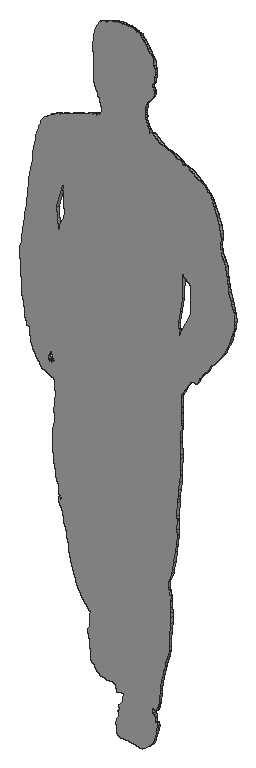
Revit family
Parameters (values of type "People_03_Multiple_views")
  built-in parameter 1005198 = (empty or 0)
  built-in parameter 1005195 = "d:\\byoh\\M25_HOL1_Santa.rpc"
  Assembly Code = ""
Reference planes (in)
  plane 1 "Center (Front/Back)": y = 0
  plane 2: z = 0
  plane 3 "Center (Left/Right)": x = 0
Forms (in)
  Extrusion 1, solid, material "Entourage-Figure"
    sketch origin (28.58462, 0, -0.48369) x (1, 0, 0) y (0, 0, 1)
      loop
        line (-24.04393, 49.13987) -> (-24.09482, 46.64775) -> (-24.34928, 45.27454) -> (-24.55285, 44.10477) -> (-24.45106, 42.935) -> (-23.22967, 45.42712) -> (-23.22967, 48.27526) -> (-24.04393, 49.13987)
      loop
        line (-37.5218, 53.31281) -> (-38.20172, 51.04073) -> (-38.00763, 48.82859) -> (-37.75076, 49.48755) -> (-37.49388, 50.04599) -> (-37.34869, 50.76077) -> (-37.42686, 51.38622) -> (-37.4492, 51.8218) -> (-37.47154, 52.26855) -> (-37.47154, 52.58126) -> (-37.50504, 53.15086) -> (-37.5218, 53.31281)
      loop
        line (-38.48581, 35.29746) -> (-38.49905, 35.37034) -> (-38.5549, 35.43736) -> (-38.64425, 35.63839) -> (-38.72243, 35.87293) -> (-38.80061, 35.96229) -> (-38.88997, 36.1298) -> (-39.06866, 35.90643) -> (-39.12451, 35.71657) -> (-39.091, 35.43736) -> (-39.06866, 35.31449) -> (-39.00165, 35.26982) -> (-38.93464, 35.25865) -> (-38.78944, 35.22515) -> (-38.66659, 35.22515) -> (-38.48581, 35.29746)
      loop
        line (-32.45681, 71.6462) -> (-32.59083, 71.60154) -> (-32.82537, 71.53451) -> (-32.93706, 71.48984) -> (-33.10459, 71.434) -> (-33.23861, 71.36699) -> (-33.3503, 71.31115) -> (-33.41731, 71.26646) -> (-33.50666, 71.15477) -> (-33.529, 71.07661) -> (-33.59602, 70.94258) -> (-33.71887, 70.71919) -> (-33.76354, 70.66335) -> (-33.85289, 70.46232) -> (-33.9199, 70.27246) -> (-33.94223, 70.19427) -> (-33.98692, 70.03791) -> (-33.99808, 69.9709) -> (-34.04276, 69.80337) -> (-34.05393, 69.7587) -> (-34.07626, 69.56884) -> (-34.08744, 69.37896) -> (-34.0986, 69.30077) -> (-34.0986, 69.16675) -> (-34.16617, 68.96404) -> (-34.15444, 68.76469) -> (-34.16561, 68.54132) -> (-34.18795, 68.1839) -> (-34.10977, 67.9382) -> (-34.08744, 67.70366) -> (-34.07626, 67.59196) -> (-34.07626, 67.01121) -> (-34.0986, 66.96653) -> (-34.1321, 66.92184) -> (-34.1321, 66.84367) -> (-34.07626, 66.72082) -> (-34.05393, 66.56444) -> (-34.03159, 66.48628) -> (-34.05393, 66.37458) -> (-34.07626, 66.27407) -> (-34.08744, 66.18472) -> (-34.10977, 66.0507) -> (-34.12094, 65.90549) -> (-34.12094, 65.67096) -> (-34.1321, 65.57044) -> (-34.1321, 65.11253) -> (-34.0986, 65.02318) -> (-34.02042, 64.90031) -> (-33.97574, 64.71045) -> (-33.94223, 64.64344) -> (-33.8864, 64.49825) -> (-33.84172, 64.38657) -> (-33.79705, 64.24136) -> (-33.64069, 64.09617) -> (-33.62951, 63.97332) -> (-33.60718, 63.87279) -> (-33.58484, 63.74996) -> (-33.54017, 63.70528) -> (-33.51783, 63.64943) -> (-33.46199, 63.58242) -> (-33.39497, 63.26969) -> (-33.32796, 63.19151) -> (-33.28328, 63.09099) -> (-33.26095, 63.01281) -> (-33.26095, 62.92347) -> (-33.23861, 62.73359) -> (-33.2051, 62.62191) -> (-33.2051, 62.33153) -> (-33.21628, 62.19751) -> (-33.30563, 62.17517) -> (-33.33913, 62.14165) -> (-33.38381, 61.95179) -> (-33.55133, 61.94062) -> (-33.65185, 61.89595) -> (-33.73003, 61.85127) -> (-33.78587, 61.85127) -> (-33.8864, 61.8066) -> (-33.99808, 61.8066) -> (-34.15444, 61.79542) -> (-34.2773, 61.7731) -> (-34.41133, 61.71725) -> (-34.50067, 61.67258) -> (-34.61236, 61.62789) -> (-34.72405, 61.56088) -> (-34.89157, 61.4492) -> (-35.22664, 61.3375) -> (-35.4165, 61.30401) -> (-35.58403, 61.2705) -> (-35.78507, 61.18114) -> (-35.9526, 61.11413) -> (-36.0978, 61.08063) -> (-36.24299, 61.02478) -> (-36.44402, 60.92427) -> (-36.68973, 60.82376) -> (-36.76791, 60.79025) -> (-36.99129, 60.73441) -> (-37.06947, 60.7009) -> (-37.29284, 60.63388) -> (-37.48271, 60.56687) -> (-37.6279, 60.4887) -> (-37.8401, 60.51102) -> (-38.00763, 60.45518) -> (-38.17517, 60.38817) -> (-38.33153, 60.28766) -> (-38.47672, 60.16481) -> (-38.7001, 60.05311) -> (-38.85646, 59.98611) -> (-39.39255, 59.61754) -> (-39.53775, 59.51703) -> (-39.68293, 59.45) -> (-39.79463, 59.26014) -> (-39.90631, 59.10377) -> (-39.99566, 58.95859) -> (-40.08501, 58.70171) -> (-40.20787, 58.38898) -> (-40.27488, 58.18795) -> (-40.47591, 57.75238) -> (-40.55409, 57.19393) -> (-40.57644, 56.94823) -> (-40.71045, 56.52382) -> (-40.7998, 56.03239) -> (-40.87799, 55.61915) -> (-40.88916, 55.29527) -> (-40.95616, 54.79267) -> (-41.02318, 54.35708) -> (-41.1237, 53.78749) -> (-41.24655, 53.29607) -> (-41.35824, 52.59243) -> (-41.39175, 52.14568) -> (-41.49227, 51.57608) -> (-41.5146, 51.06232) -> (-41.57045, 50.48157) -> (-41.64863, 49.84494) -> (-41.68214, 49.67741) -> (-41.6933, 49.49872) -> (-41.68214, 49.42054) -> (-41.77148, 49.23066) -> (-41.8385, 49.08547) -> (-41.82732, 48.71692) -> (-41.84966, 48.46003) -> (-41.89434, 48.1473) -> (-41.97253, 47.90158) -> (-42.01719, 47.53303) -> (-42.0507, 47.19796) -> (-42.07304, 47.08628) -> (-42.19589, 46.7959) -> (-42.19589, 46.52786) -> (-42.20706, 46.05876) -> (-42.24056, 45.8689) -> (-42.34109, 45.56734) -> (-42.35225, 45.15411) -> (-42.36342, 44.84138) -> (-42.32992, 44.49516) -> (-42.28525, 44.16009) -> (-42.27407, 43.89204) -> (-42.27407, 43.69101) -> (-42.2294, 43.26659) -> (-42.21823, 42.80868) -> (-42.19589, 42.35076) -> (-42.19589, 42.18323) -> (-42.15122, 41.76999) -> (-42.19589, 41.32324) -> (-42.14005, 40.95468) -> (-42.0507, 40.44092) -> (-41.96135, 40.07235) -> (-41.90551, 39.83782) -> (-41.87199, 39.52509) -> (-41.84966, 39.31289) -> (-41.81615, 38.96665) -> (-41.79381, 38.70977) -> (-41.72681, 38.45289) -> (-41.60396, 38.21836) -> (-41.58161, 38.00614) -> (-41.54811, 37.96147) -> (-41.39175, 37.90563) -> (-41.33591, 37.90563) -> (-41.25773, 37.89446) -> (-41.3024, 37.65991) -> (-41.28006, 37.42537) -> (-41.24655, 37.14617) -> (-41.16837, 36.74409) -> (-41.10137, 36.49837) -> (-41.03435, 36.25267) -> (-40.96734, 35.86176) -> (-40.85565, 35.60487) -> (-40.68812, 35.42618) -> (-40.54293, 35.29216) -> (-40.44241, 35.05762) -> (-40.28605, 34.76723) -> (-40.17436, 34.5997) -> (-39.89514, 34.25349) -> (-39.74995, 34.15295) -> (-39.57125, 34.08594) -> (-39.21385, 33.9184) -> (-39.091, 33.87375) -> (-38.86762, 33.79557) -> (-38.74477, 33.73971) -> (-38.61075, 33.68387) -> (-38.5214, 33.65036) -> (-38.46556, 33.33765) -> (-38.46556, 33.14777) -> (-38.44322, 32.89088) -> (-38.42088, 32.54467) -> (-38.39854, 32.33247) -> (-38.3762, 31.91922) -> (-38.43205, 31.56183) -> (-38.46556, 31.32728) -> (-38.51023, 31.02572) -> (-38.57724, 30.57899) -> (-38.57724, 30.41145) -> (-38.49905, 29.97587) -> (-38.49905, 29.77484) -> (-38.51023, 29.23874) -> (-38.5549, 29.07122) -> (-38.59958, 28.91484) -> (-38.63308, 28.4346) -> (-38.68892, 28.02136) -> (-38.72243, 27.70863) -> (-38.73361, 27.47409) -> (-38.68892, 26.87099) -> (-38.67776, 26.51358) -> (-38.63308, 26.21202) -> (-38.61075, 26.06683) -> (-38.61075, 25.55307) -> (-38.5549, 25.43022) -> (-38.40971, 24.7936) -> (-38.34269, 24.44738) -> (-38.33153, 24.02296) -> (-38.25335, 23.56505) -> (-38.06348, 23.0513) -> (-38.02997, 22.78325) -> (-37.97413, 22.31416) -> (-37.73959, 21.7669) -> (-37.91036, 22.11303) -> (-38.01881, 21.7669) -> (-38.04115, 21.53236) -> (-37.95179, 21.15262) -> (-37.78427, 20.9851) -> (-37.66141, 20.81755) -> (-37.58323, 20.52718) -> (-37.56089, 20.38199) -> (-37.47154, 19.94641) -> (-37.39336, 19.52199) -> (-37.34869, 19.33213) -> (-37.24817, 18.93006) -> (-37.13648, 18.59499) -> (-37.09181, 18.22642) -> (-37.03597, 17.86903) -> (-36.93545, 17.50046) -> (-36.8796, 16.99787) -> (-36.80142, 16.55112) -> (-36.6674, 15.99269) -> (-36.60038, 15.61296) -> (-36.47753, 15.17738) -> (-36.26532, 14.61895) -> (-36.10896, 14.21687) -> (-36.07545, 14.13869) -> (-35.86325, 13.59143) -> (-35.5617, 13.0665) -> (-35.29365, 12.57508) -> (-34.96975, 12.18417) -> (-34.62353, 11.75976) -> (-34.46716, 11.55873) -> (-34.53418, 11.3912) -> (-34.56769, 11.07847) -> (-34.52301, 10.54238) -> (-34.54535, 10.18499) -> (-34.54535, 10.01745) -> (-34.64587, 9.91693) -> (-34.73522, 9.77174) -> (-34.74639, 9.60422) -> (-34.75755, 9.33616) -> (-34.65703, 9.31383) -> (-34.60119, 8.98993) -> (-34.57885, 8.71072) -> (-34.55652, 8.44266) -> (-34.47833, 8.05177) -> (-34.43367, 7.64969) -> (-34.43367, 7.471) -> (-34.456, 7.08009) -> (-34.37782, 6.83437) -> (-34.15444, 6.5775) -> (-33.99808, 6.47699) -> (-33.9199, 6.37647) -> (-33.69653, 5.96323) -> (-33.51783, 5.79569) -> (-33.24979, 5.61699) -> (-32.83654, 5.50531) -> (-32.5685, 5.44947) -> (-32.23343, 5.41596) -> (-31.93188, 5.42713) -> (-31.8537, 5.41596) -> (-31.7085, 5.38244) -> (-31.60799, 5.0809) -> (-31.50747, 4.7905) -> (-31.47396, 4.61181) -> (-31.28409, 4.62298) -> (-30.97137, 4.68999) -> (-30.71449, 4.66765) -> (-30.68099, 4.58947) -> (-30.83734, 4.23209) -> (-30.88203, 3.95286) -> (-30.93786, 3.70714) -> (-31.2506, 3.32742) -> (-31.21708, 2.85833) -> (-31.41812, 2.69081) -> (-31.22825, 2.65729) -> (-31.29527, 2.37808) -> (-31.3176, 2.18822) -> (-31.45163, 1.93133) -> (-31.63032, 1.46224) -> (-31.54098, 1.18303) -> (-31.51863, 0.85914) -> (-31.4628, 0.60226) -> (-31.33993, 0.3007) -> (-31.07189, 0.11084) -> (-30.54696, 0.11084) -> (-30.16723, 0.09967) -> (-30.04437, 0.0885) -> (-29.86567, 0.07734) -> (-29.61996, 0.04383) -> (-29.40776, 0.01033) -> (-28.94984, -0.09021) -> (-28.57011, -0.0567) -> (-28.30207, 0.0885) -> (-28.03401, 0.24486) -> (-27.77713, 0.46823) -> (-27.49791, 0.73628) -> (-27.40856, 0.82563) -> (-27.29688, 1.02666) -> (-27.24104, 1.28355) -> (-27.16285, 1.57392) -> (-27.01766, 1.92016) -> (-26.97299, 2.25523) -> (-26.90598, 2.75782) -> (-26.79429, 2.66845) -> (-26.91714, 3.07053) -> (-27.16285, 3.09287) -> (-27.15168, 3.51728) -> (-27.2187, 3.83001) -> (-27.40856, 3.89702) -> (-27.44207, 4.34377) -> (-26.99532, 4.2991) -> (-26.97299, 4.3326) -> (-26.8613, 4.5783) -> (-26.81663, 4.70116) -> (-26.78312, 4.84636) -> (-26.76078, 4.92454) -> (-26.70494, 5.0809) -> (-26.6826, 5.28193) -> (-26.67143, 5.52765) -> (-26.62676, 5.84038) -> (-26.61559, 6.14192) -> (-26.58208, 6.43231) -> (-26.55975, 6.64451) -> (-26.51507, 6.90138) -> (-26.48157, 7.22528) -> (-26.43689, 7.45983) -> (-26.33637, 7.86189) -> (-26.28052, 8.19696) -> (-26.18001, 8.54318) -> (-26.05716, 9.0346) -> (-25.95664, 9.48135) -> (-25.87846, 9.74941) -> (-25.76677, 10.07329) -> (-25.67742, 10.40836) -> (-25.58808, 10.69875) -> (-25.59924, 11.21251) -> (-25.59924, 11.98314) -> (-25.53223, 12.5304) -> (-25.46521, 13.08884) -> (-25.39821, 13.56909) -> (-25.39821, 14.19453) -> (-25.42054, 14.68596) -> (-25.44288, 15.19972) -> (-25.46521, 15.78049) -> (-25.48755, 16.02619) -> (-25.61041, 16.68516) -> (-25.66626, 17.06488) -> (-25.66626, 17.69034) -> (-25.49872, 18.04772) -> (-25.30885, 18.62851) -> (-25.23067, 19.0194) -> (-25.07431, 19.8794) -> (-24.87328, 21.00743) -> (-24.81744, 21.77806) -> (-24.68341, 22.67156) -> (-24.71692, 23.30817) -> (-24.69457, 24.15698) -> (-24.73925, 24.65958) -> (-24.62757, 25.98866) -> (-24.61639, 26.34606) -> (-24.56056, 26.66994) -> (-24.50471, 27.37358) -> (-24.41536, 28.06603) -> (-24.32601, 28.87017) -> (-24.33718, 29.3281) -> (-24.28133, 30.56782) -> (-24.30367, 30.98105) -> (-24.33718, 32.14259) -> (-24.37069, 32.65635) -> (-24.259, 34.0301) -> (-24.259, 34.34283) -> (-24.22549, 35.12463) -> (-24.21432, 35.71657) -> (-24.20316, 36.67708) -> (-24.18082, 37.01215) -> (-24.02446, 37.21318) -> (-23.84576, 37.55941) -> (-23.70056, 37.79395) -> (-23.53304, 38.05082) -> (-23.32083, 38.33004) -> (-23.09746, 38.66509) -> (-22.91876, 38.72095) -> (-22.69538, 38.78796) -> (-22.59487, 38.67628) -> (-22.41617, 38.72095) -> (-22.30448, 38.92198) -> (-22.20396, 39.27938) -> (-21.96942, 39.51392) -> (-21.69021, 39.89364) -> (-21.478, 40.13936) -> (-21.23229, 40.41859) -> (-20.88606, 41.15571) -> (-20.56216, 41.31209) -> (-20.31646, 41.58013) -> (-19.97023, 42.02688) -> (-19.34478, 42.84218) -> (-19.17725, 43.27776) -> (-18.94271, 43.67984) -> (-18.78635, 44.03724) -> (-18.68584, 44.36112) -> (-18.56297, 44.7967) -> (-18.50713, 45.07593) -> (-18.31727, 45.61201) -> (-18.29492, 46.01408) -> (-18.21674, 46.39383) -> (-18.31727, 47.10861) -> (-18.39545, 47.45485) -> (-18.56297, 48.01328) -> (-18.64115, 48.326) -> (-18.88687, 49.11898) -> (-18.93154, 49.63274) -> (-19.07674, 50.26937) -> (-19.16608, 50.99533) -> (-19.22192, 51.48673) -> (-19.43413, 52.02285) -> (-19.56815, 52.33556) -> (-19.75802, 52.7153) -> (-19.82503, 53.60878) -> (-19.73569, 54.13371) -> (-19.78036, 54.70331) -> (-19.89205, 55.44045) -> (-20.18243, 56.19992) -> (-20.22711, 56.40096) -> (-20.50632, 57.12692) -> (-20.78554, 57.62951) -> (-20.89723, 57.91989) -> (-21.18762, 58.32197) -> (-21.76839, 58.92507) -> (-22.49435, 59.4165) -> (-23.04161, 59.80739) -> (-23.6894, 60.16481) -> (-24.00212, 60.24299) -> (-24.259, 60.39934) -> (-24.8621, 60.68973) -> (-25.49872, 60.96894) -> (-25.9008, 61.09179) -> (-26.16885, 61.20348) -> (-26.62676, 61.4827) -> (-26.97299, 61.76191) -> (-27.41973, 62.16399) -> (-27.76597, 62.09698) -> (-27.81063, 62.36502) -> (-28.07869, 62.74477) -> (-28.1792, 63.11333) -> (-28.24622, 63.28087) -> (-28.23505, 63.44839) -> (-28.29089, 63.74996) -> (-28.27972, 63.91746) -> (-28.25738, 64.17435) -> (-28.23505, 64.49825) -> (-28.13453, 64.74395) -> (-27.94466, 65.10136) -> (-27.84414, 65.20187) -> (-27.58727, 65.49227) -> (-27.45324, 65.64862) -> (-27.26337, 66.00603) -> (-27.22986, 66.17355) -> (-27.27455, 66.38575) -> (-27.50909, 66.866) -> (-27.48674, 66.98887) -> (-27.33038, 67.17873) -> (-27.26337, 67.39093) -> (-27.2187, 67.78184) -> (-27.14052, 68.09455) -> (-27.11817, 68.34027) -> (-27.12935, 68.59714) -> (-27.29688, 69.04391) -> (-27.30804, 69.36781) -> (-27.37506, 69.56884) -> (-27.73246, 70.03791) -> (-28.0005, 70.49583) -> (-28.14569, 70.75271) -> (-28.45842, 71.12129) -> (-28.59245, 71.31115) -> (-28.78893, 71.549) -> (-28.894, 71.60154) -> (-28.96101, 71.62388) -> (-29.06153, 71.6462) -> (-29.18438, 71.72438) -> (-29.2849, 71.74671) -> (-29.41892, 71.80257) -> (-29.61996, 71.89192) -> (-29.70931, 71.91425) -> (-29.89918, 71.94776) -> (-30.02203, 71.94776) -> (-30.31242, 71.9701) -> (-30.5358, 72.01477) -> (-30.70332, 72.01477) -> (-30.84852, 72.0036) -> (-31.02721, 72.0036) -> (-31.42929, 71.95893) -> (-31.59681, 71.94776) -> (-31.73084, 71.89192) -> (-32.02122, 71.80257) -> (-32.18876, 71.7579) -> (-32.27811, 71.72438) -> (-32.45681, 71.6462)
    from -0.09766 to 0.09766
